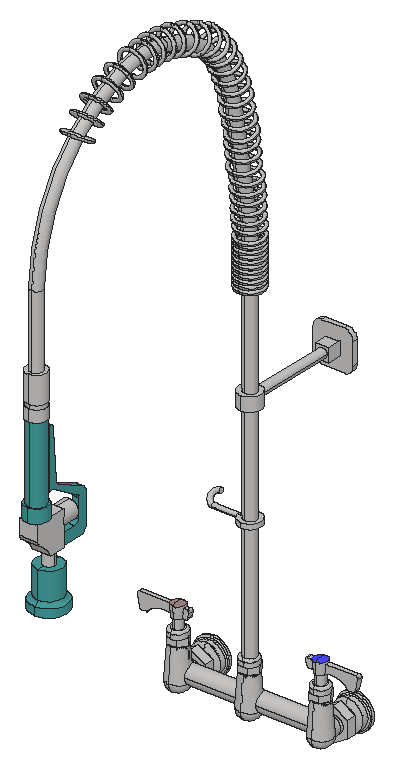
Revit family "Krowne_17-108WL_WallMount_Pre-Rinse_Faucet", category Plumbing Fixtures, Revit 2018 (continued)
Definition of nested family "Spring_Faucet_Hose"
  Lines and regions (mm)
    symbolic lines
      curve 26: arc (-378.981, 9.264, 44.45) -> (-379.421, 6.571, 44.45) -> (-378.981, 3.877, 44.45) r 8.455
      curve 27: line (-365.207, 4.256, 44.45) -> (-321.135, 4.256, 44.45)
      curve 28: line (-365.081, -5.133, 44.45) -> (-322.249, -5.133, 44.45)
      curve 29: spline (-365.207, 8.407, 44.45) -> (-366.446, 8.337, 44.45) -> (-367.6, 8.129, 44.45) -> (-368.591, 7.799, 44.45) -> (-369.351, 7.369, 44.45) -> (-369.83, 6.869, 44.45) -> (-369.993, 6.332, 44.45) -> (-369.83, 5.795, 44.45) -> (-369.351, 5.294, 44.45) -> (-368.591, 4.864, 44.45) -> (-367.6, 4.534, 44.45) -> (-366.446, 4.327, 44.45) -> (-365.207, 4.256, 44.45)
      curve 30: arc (-304.977, 0.014, 44.45) -> (-313.613, 8.65, 44.45) -> (-322.249, 0.014, 44.45) r 8.636
      curve 31: line (-322.249, 0.014, 44.45) -> (-322.249, -379.376, 44.45)
      curve 32: arc (-304.981, -378.487, 44.45) -> (-313.613, -387.119, 44.45) -> (-322.245, -378.487, 44.45) r 8.632
      curve 33: line (-304.977, 0.014, 44.45) -> (-304.977, -378.9, 44.45)
      curve 34: line (-342.982, 155.575, 419.1) -> (-285.832, 155.575, 419.1)
      curve 35: line (-342.982, 149.225, 419.1) -> (-342.982, 155.575, 419.1)
      curve 36: line (-285.832, 149.225, 419.1) -> (-342.982, 149.225, 419.1)
      curve 37: line (-285.832, 155.575, 419.1) -> (-285.832, 149.225, 419.1)
      curve 38: line (-323.932, 149.225, 419.1) -> (-323.932, 130.175, 419.1)
      curve 39: line (-323.932, 130.175, 419.1) -> (-304.882, 130.175, 419.1)
      curve 40: line (-304.882, 130.175, 419.1) -> (-304.882, 149.225, 419.1)
      curve 41: line (-320.757, 130.175, 419.1) -> (-320.757, 18.203, 419.1)
      curve 42: line (-308.057, 130.175, 419.1) -> (-308.057, 18.203, 419.1)
  Dimensions and locks
    "Height": plane 3 "TOP" to plane 2
    plane 5 "Top of Body" to level = 1 3/4"
    equal spacing: plane 5 "Top of Body", plane 6, level
    plane 8 to plane 3 "TOP" = 34"
    aligned and locked: level to plane 2
    aligned and locked: plane 13 to Extrusion 52
    aligned and locked: plane 14 to Extrusion 53
  Automatic sketch dimensions
    curve 1 to curve 2 = 0"  (x2)
    curve 3 to curve 4 = 0"  (x2)
    plane 4 "Center" to curve 4 = 1/32"
    plane 4 "Center" to curve 1 = 1/32"
    plane 7 to curve 4 = 0.83856"
    plane 7 to curve 1 = 0.03856"
    curve 4 to plane 4 "Center" = 0.30887"
    curve 2 to plane 4 "Center" = 0.32506"
    curve 2 to curve 4 = 0.35323"
    curve 12 to plane 4 "Center" = 0.77095"
    curve 16 to plane 4 "Center" = 0.77095"
    curve 6 to plane 4 "Center" = 0.77095"
    curve 17 to curve 16 = 0"  (x2)
    curve 5 to curve 6 = 0"  (x2)
    curve 18 to curve 17 = 0"  (x2)
    curve 7 to curve 6 = 0"  (x2)
    curve 15 to curve 16 = 0"
    curve 8 to curve 7 = 0"
    curve 19 to curve 18 = 0"  (x2)
    curve 14 to curve 15 = 0"
    curve 9 to curve 8 = 0"
    curve 13 to curve 12 = 0"
    curve 10 to curve 9 = 0"  (x2)
    curve 11 to curve 10 = 0"  (x2)
    curve 20 to curve 19 = 0"  (x2)
    curve 21 to curve 20 = 0"  (x2)
    curve 22 to curve 21 = 0"  (x2)
    plane 4 "Center" to curve 1 = 0.36813"
    plane 7 to curve 3 = 0.22873"
    plane 4 "Center" to curve 3 = 0.37059"
    curve 3 to curve 1 = 0.35401"
    plane 4 "Center" to curve 14 = 0.87789"
    plane 4 "Center" to curve 9 = 0.87789"
    curve 15 to curve 14 = 0"
    curve 8 to curve 9 = 0"
    curve 16 to curve 15 = 0"
    plane 4 "Center" to curve 6 = 0.87789"
    curve 13 to curve 14 = 0"
    curve 12 to curve 13 = 0"
    curve 1 to curve 5 = 1.03879"
    curve 5 to curve 6 = 3/4"
    curve 6 to curve 7 = 0.58175"
    curve 7 to curve 8 = 3/4"
    curve 8 to curve 9 = 0.58175"
    curve 9 to curve 10 = 3/4"
    curve 10 to curve 11 = 0.58175"
    curve 11 to curve 12 = 3/4"
    curve 12 to curve 13 = 0.58175"
    curve 13 to curve 14 = 3/4"
    curve 14 to curve 15 = 0.58175"
    curve 15 to curve 16 = 3/4"
    curve 16 to curve 17 = 0.58175"
    curve 17 to curve 18 = 3/4"
    curve 18 to curve 19 = 0.58175"
    curve 19 to curve 20 = 3/4"
    curve 20 to curve 21 = 0.58175"
    plane 1 "BACK" to curve 22 = 0.7167"
    plane 4 "Center" to curve 32 = 1/32"
    plane 7 to curve 32 = 0.83856"
    plane 1 "BACK" to curve 28 = 0.20208"
    curve 33 to plane 1 "BACK" = 0.00055"
    curve 27 to plane 1 "BACK" = 0.16756"
    curve 29 to curve 24 = 0.04559"
    curve 24 to curve 26 = 0.04554"
    curve 24 to curve 25 = 0.10647"
    curve 25 to curve 23 = 0.01136"
    curve 23 to plane 11 = 0.08273"
    plane 4 "Center" to curve 33 = 0.37125"
    plane 4 "Center" to curve 30 = 1/32"
    curve 28 to curve 28 = 1.6863"
    curve 25 to curve 23 = 0.00495"
    curve 23 to curve 25 = 0.04545"
    curve 29 to curve 24 = 0.0668"
    curve 24 to curve 26 = 0.15996"
    curve 33 to curve 32 = 0.01626"
    curve 31 to curve 32 = 0.03502"
    curve 26 to curve 25 = 0"
    curve 33 to curve 32 = 0.00016"
    Extrusion 1 sketch curve to plane 1 "BACK" = 0.00055"
    plane 4 "Center" to Extrusion 1 sketch curve = 1/32"
    plane 10 to Revolve 2 sketch curve = 47/256"
    plane 7 to Revolve 2 sketch curve = 0.91356"  (x2)
    Revolve 2 sketch curve to Revolve 2 sketch curve = 1/2"
    Revolve 2 sketch curve to Revolve 2 sketch curve = 1/8"
    Revolve 2 sketch curve to Revolve 2 sketch curve = 3/4"
    Revolve 2 sketch curve to Revolve 2 sketch curve = 4 5/16"
    Revolve 2 sketch curve to Revolve 2 sketch curve = 0"  (x2)
    Revolve 2 sketch curve to Revolve 2 sketch curve = 3 3/16"
    Sweep 3 sketch curve to plane 1 "BACK" = 0.00055"
    plane 1 "BACK" to Sweep 3 sketch curve = 0.08675"
    plane 1 "BACK" to Sweep 3 sketch curve = 1.21193"
    plane 1 "BACK" to Sweep 3 sketch curve = 5.99945"
    Sweep 3 sketch curve to Sweep 3 sketch curve = 0.2632"
    Sweep 3 sketch curve to Sweep 3 sketch curve = 0.86198"
    Sweep 3 sketch curve to Sweep 3 sketch curve = 0.30121"
    Sweep 3 sketch curve to Sweep 3 sketch curve = 1.89971"
    plane 7 to Sweep 3 sketch curve = 0.91356"
    plane 10 to Sweep 3 sketch curve = 7.55118"
    Sweep 3 sketch curve to plane 8 = 8.89818"
    Sweep 3 sketch curve to Sweep 3 sketch curve = 0.45056"
    Sweep 3 sketch curve to Sweep 3 sketch curve = 1.89771"
    Sweep 3 sketch curve to plane 8 = 5.53014"
    Sweep 3 sketch curve to Sweep 3 sketch curve = 1.17825"
    Sweep 3 sketch curve to Sweep 3 sketch curve = 0"  (x2)
    Sweep 3 sketch curve to Sweep 3 sketch curve = 2.13824"
    Sweep 3 sketch curve to Sweep 3 sketch curve = 4.10572"
    profile plane to Sweep 3 sketch curve = 0"
    Sweep 3 sketch curve to profile plane = 0"
    Sweep 4 sketch curve to plane 4 "Center" = 0"
    Sweep 4 sketch curve to plane 4 "Center" = 2"
    Sweep 4 sketch curve to Sweep 4 sketch curve = 3/8"
    profile plane to Sweep 4 sketch curve = 0"  (x2)
    plane 7 to Sweep 5 sketch curve = 0.03856"
    Sweep 5 sketch curve to plane 9 "Bottom of Hose Handle" = 1 1/256"
    Sweep 5 sketch curve to Sweep 5 sketch curve = 3/4"
    Sweep 5 sketch curve to profile plane = 0"  (x2)
    plane 7 to Revolve 6 sketch curve = 0.03856"
    Revolve 6 sketch curve to plane 7 = 0.71144"
    Revolve 6 sketch curve to Revolve 6 sketch curve = 1/4"
    Revolve 6 sketch curve to plane 9 "Bottom of Hose Handle" = 1 193/256"
    Revolve 6 sketch curve to Revolve 6 sketch curve = 1 1/2"
    Revolve 6 sketch curve to Revolve 6 sketch curve = 7/16"
    Revolve 6 sketch curve to Revolve 6 sketch curve = 0"  (x3)
    plane 7 to Extrusion 7 sketch curve = 0.22606"
    Extrusion 7 sketch curve to plane 7 = 0.02394"  (x2)
    Extrusion 7 sketch curve to plane 7 = 0.23409"
    Extrusion 7 sketch curve to Extrusion 7 sketch curve = 0.13967"
    Extrusion 7 sketch curve to Extrusion 7 sketch curve = 0.24927"
    Extrusion 7 sketch curve to plane 7 = 0.82005"
    Extrusion 7 sketch curve to Extrusion 7 sketch curve = 0.01639"
    Extrusion 7 sketch curve to plane 9 "Bottom of Hose Handle" = 0.25668"
    Extrusion 7 sketch curve to Extrusion 7 sketch curve = 3/4"
    plane 10 to Extrusion 7 sketch curve = 0.03843"
    Extrusion 7 sketch curve to Extrusion 7 sketch curve = 0"
    plane 10 to Extrusion 7 sketch curve = 0.25346"
    Extrusion 7 sketch curve to Extrusion 7 sketch curve = 0.12753"
    Extrusion 7 sketch curve to Extrusion 7 sketch curve = 0.03155"
    plane 10 to Extrusion 7 sketch curve = 0.5363"
    Extrusion 7 sketch curve to Extrusion 7 sketch curve = 0.37321"
    Extrusion 7 sketch curve to Extrusion 7 sketch curve = 0.51639"
    Extrusion 7 sketch curve to Extrusion 7 sketch curve = 0.26517"  (x2)
    plane 10 to Extrusion 7 sketch curve = 1 63/256"
    Extrusion 7 sketch curve to Extrusion 7 sketch curve = 0.1179"
    Extrusion 7 sketch curve to Extrusion 7 sketch curve = 0.20557"
    Extrusion 7 sketch curve to Extrusion 7 sketch curve = 2.73902"
    Extrusion 7 sketch curve to Extrusion 7 sketch curve = 0.31207"
    Revolve 8 sketch curve to plane 7 = 0"
    plane 10 to Revolve 8 sketch curve = 31/256"
    Revolve 8 sketch curve to plane 7 = 0.39894"
    Revolve 8 sketch curve to Revolve 8 sketch curve = 1"
    Revolve 8 sketch curve to Revolve 8 sketch curve = 1/8"
    Revolve 8 sketch curve to plane 10 = 33/256"
    plane 9 "Bottom of Hose Handle" to Revolve 8 sketch curve = 95/256"  (x2)
    Revolve 8 sketch curve to Revolve 8 sketch curve = 0"
    Revolve 8 sketch curve to Revolve 8 sketch curve = 0.79338"
    Sweep 9 sketch curve to plane 1 "BACK" = 0.00055"
    plane 4 "Center" to Sweep 9 sketch curve = 1/32"
    Sweep 9 sketch curve to profile plane = 0"  (x2)
    Sweep 10 sketch curve to plane 1 "BACK" = 0.00055"
    plane 4 "Center" to Sweep 10 sketch curve = 1/32"
    Sweep 10 sketch curve to profile plane = 0"  (x2)
    Sweep 11 sketch curve to plane 1 "BACK" = 0.00055"
    plane 4 "Center" to Sweep 11 sketch curve = 1/32"
    Sweep 11 sketch curve to profile plane = 0"  (x2)
    Sweep 12 sketch curve to plane 1 "BACK" = 0.00055"
    plane 4 "Center" to Sweep 12 sketch curve = 1/32"
    Sweep 12 sketch curve to profile plane = 0"  (x2)
    Sweep 13 sketch curve to plane 1 "BACK" = 0.00055"
    plane 4 "Center" to Sweep 13 sketch curve = 1/32"
    Sweep 13 sketch curve to profile plane = 0"  (x2)
    plane 4 "Center" to Sweep 14 sketch curve = 1/32"
    Sweep 14 sketch curve to profile plane = 0"
    profile plane to Sweep 14 sketch curve = 0"
    plane 4 "Center" to Sweep 15 sketch curve = 1/32"
    Sweep 15 sketch curve to profile plane = 0"
    profile plane to Sweep 15 sketch curve = 0"
    plane 4 "Center" to Sweep 16 sketch curve = 1/32"
    Sweep 16 sketch curve to profile plane = 0"
    profile plane to Sweep 16 sketch curve = 0"
    plane 4 "Center" to Sweep 17 sketch curve = 1/32"
    Sweep 17 sketch curve to profile plane = 0"
    profile plane to Sweep 17 sketch curve = 0"
    plane 4 "Center" to Sweep 18 sketch curve = 1/32"
    Sweep 18 sketch curve to profile plane = 0"
    profile plane to Sweep 18 sketch curve = 0"
    plane 4 "Center" to Sweep 19 sketch curve = 1/32"
    Sweep 19 sketch curve to profile plane = 0"
    profile plane to Sweep 19 sketch curve = 0"
    plane 4 "Center" to Sweep 20 sketch curve = 1/32"
    Sweep 20 sketch curve to profile plane = 0"
    profile plane to Sweep 20 sketch curve = 0"
    plane 4 "Center" to Sweep 21 sketch curve = 1/32"
    Sweep 21 sketch curve to profile plane = 0"
    profile plane to Sweep 21 sketch curve = 0"
    plane 4 "Center" to Sweep 22 sketch curve = 1/32"
    Sweep 22 sketch curve to profile plane = 0"
    profile plane to Sweep 22 sketch curve = 0"
    plane 4 "Center" to Sweep 23 sketch curve = 1/32"
    Sweep 23 sketch curve to profile plane = 0"
    profile plane to Sweep 23 sketch curve = 0"
    plane 4 "Center" to Sweep 24 sketch curve = 1/32"
    Sweep 24 sketch curve to profile plane = 0"
    profile plane to Sweep 24 sketch curve = 0"
    plane 4 "Center" to Sweep 25 sketch curve = 1/32"
    Sweep 25 sketch curve to profile plane = 0"
    profile plane to Sweep 25 sketch curve = 0"
    plane 4 "Center" to Sweep 26 sketch curve = 1/32"
    Sweep 26 sketch curve to profile plane = 0"
    profile plane to Sweep 26 sketch curve = 0"
    plane 4 "Center" to Sweep 27 sketch curve = 1/32"
    Sweep 27 sketch curve to profile plane = 0"
    profile plane to Sweep 27 sketch curve = 0"
    plane 4 "Center" to Sweep 28 sketch curve = 1/32"
    Sweep 28 sketch curve to profile plane = 0"
    profile plane to Sweep 28 sketch curve = 0"
    plane 4 "Center" to Sweep 29 sketch curve = 1/32"
    Sweep 29 sketch curve to profile plane = 0"
    profile plane to Sweep 29 sketch curve = 0"
    plane 4 "Center" to Sweep 30 sketch curve = 1/32"
    Sweep 30 sketch curve to profile plane = 0"
    profile plane to Sweep 30 sketch curve = 0"
    plane 4 "Center" to Sweep 31 sketch curve = 1/32"
    Sweep 31 sketch curve to profile plane = 0"
    profile plane to Sweep 31 sketch curve = 0"
    plane 4 "Center" to Sweep 32 sketch curve = 1/32"
    Sweep 32 sketch curve to profile plane = 0"
    profile plane to Sweep 32 sketch curve = 0"
    plane 4 "Center" to Sweep 33 sketch curve = 1/32"
    Sweep 33 sketch curve to profile plane = 0"
    profile plane to Sweep 33 sketch curve = 0"
    plane 4 "Center" to Sweep 34 sketch curve = 1/32"
    Sweep 34 sketch curve to profile plane = 0"
    profile plane to Sweep 34 sketch curve = 0"
    plane 4 "Center" to Sweep 35 sketch curve = 1/32"
    Sweep 35 sketch curve to profile plane = 0"
    profile plane to Sweep 35 sketch curve = 0"
    plane 4 "Center" to Sweep 36 sketch curve = 1/32"
    Sweep 36 sketch curve to profile plane = 0"
    profile plane to Sweep 36 sketch curve = 0"
    plane 4 "Center" to Sweep 37 sketch curve = 1/32"
    Sweep 37 sketch curve to profile plane = 0"
    profile plane to Sweep 37 sketch curve = 0"
    plane 4 "Center" to Sweep 38 sketch curve = 1/32"
    Sweep 38 sketch curve to profile plane = 0"
    profile plane to Sweep 38 sketch curve = 0"
    plane 4 "Center" to Sweep 39 sketch curve = 1/32"
    Sweep 39 sketch curve to profile plane = 0"  (x2)
    plane 4 "Center" to Sweep 40 sketch curve = 1/32"
    Sweep 40 sketch curve to profile plane = 0"  (x2)
    plane 4 "Center" to Sweep 41 sketch curve = 1/32"
    Sweep 41 sketch curve to profile plane = 0"  (x2)
    plane 4 "Center" to Sweep 42 sketch curve = 1/32"
    Sweep 42 sketch curve to profile plane = 0"  (x2)
    plane 4 "Center" to Sweep 43 sketch curve = 1/32"
    Sweep 43 sketch curve to profile plane = 0"  (x2)
    plane 4 "Center" to Sweep 44 sketch curve = 1/32"
    Sweep 44 sketch curve to profile plane = 0"  (x2)
    plane 4 "Center" to Sweep 45 sketch curve = 1/32"
    Sweep 45 sketch curve to profile plane = 0"  (x2)
    Sweep 46 sketch curve to plane 1 "BACK" = 0.00055"
    plane 4 "Center" to Sweep 46 sketch curve = 1/32"
    Sweep 46 sketch curve to profile plane = 0"  (x2)
    Sweep 47 sketch curve to plane 1 "BACK" = 0.00055"
    plane 4 "Center" to Sweep 47 sketch curve = 1/32"
    Sweep 47 sketch curve to profile plane = 0"  (x2)
    Sweep 48 sketch curve to plane 1 "BACK" = 0.00055"
    plane 4 "Center" to Sweep 48 sketch curve = 1/32"
    Sweep 48 sketch curve to profile plane = 0"  (x2)
    Sweep 49 sketch curve to plane 1 "BACK" = 0.00055"
    plane 4 "Center" to Sweep 49 sketch curve = 1/32"
    Sweep 49 sketch curve to profile plane = 0"  (x2)
    Sweep 50 sketch curve to plane 1 "BACK" = 0.00055"
    plane 4 "Center" to Sweep 50 sketch curve = 1/32"
    Sweep 50 sketch curve to profile plane = 0"  (x2)
    Extrusion 51 sketch curve to Extrusion 51 sketch curve = 0"  (x2)
    Extrusion 51 sketch curve to plane 1 "BACK" = 0.00055"
    plane 4 "Center" to Extrusion 51 sketch curve = 1/32"
    Extrusion 52 sketch curve to plane 9 "Bottom of Hose Handle" = 1/4"  (x2)
    Extrusion 52 sketch curve to plane 4 "Center" = 1 1/8"
    Extrusion 52 sketch curve to plane 4 "Center" = 5/8"
    Extrusion 52 sketch curve to Extrusion 52 sketch curve = 1/2"
    plane 4 "Center" to Extrusion 52 sketch curve = 5/8"  (x2)
    plane 10 to Extrusion 52 sketch curve = 1/4"
    Extrusion 53 sketch curve to Extrusion 52 = 3/4"  (x4)
    Extrusion 54 sketch curve to Extrusion 53 = 3/8"  (x2)
    plane 14 to curve 42 = 0"
    plane 13 to curve 38 = 0"
    plane 12 "Back of Back Support" to curve 37 = 0"
    plane 4 "Center" to curve 34 = 1 1/8"
    plane 4 "Center" to curve 39 = 3/8"
    curve 39 to plane 4 "Center" = 3/8"
    curve 38 to curve 35 = 3/4"
    curve 42 to plane 11 = 0.09164"
    curve 41 to plane 11 = 0.09164"
    plane 4 "Center" to curve 42 = 1/4"
    curve 41 to plane 4 "Center" = 1/4"
    plane 7 to Extrusion 55 sketch curve = 2.30845"
    plane 10 to Extrusion 55 sketch curve = 47/256"
    plane 7 to Extrusion 55 sketch curve = 1.41356"
    plane 9 "Bottom of Hose Handle" to Extrusion 55 sketch curve = 15/256"
    Extrusion 55 sketch curve to Extrusion 55 sketch curve = 1/4"
    plane 7 to Extrusion 55 sketch curve = 0.47606"
    Extrusion 55 sketch curve to plane 7 = 0.39894"
    Extrusion 55 sketch curve to plane 9 "Bottom of Hose Handle" = 1 1/256"
    Extrusion 55 sketch curve to plane 9 "Bottom of Hose Handle" = 1.9506"
    plane 7 to Revolve 56 sketch curve = 0.91356"
    Revolve 56 sketch curve to Revolve 56 sketch curve = 1/2"
    Revolve 56 sketch curve to Revolve 56 sketch curve = 1/16"  (x2)
    plane 10 to Revolve 56 sketch curve = 5 63/256"
    Revolve 56 sketch curve to Revolve 56 sketch curve = 5/8"
    Revolve 56 sketch curve to Revolve 56 sketch curve = 1/4"
    Revolve 56 sketch curve to Revolve 56 sketch curve = 1 1/2"
    Revolve 56 sketch curve to Revolve 56 sketch curve = 0"
    plane 10 to Revolve 56 sketch curve = 47/256"
    Revolve 56 sketch curve to Revolve 56 sketch curve = 13/16"
    Extrusion 57 sketch curve to Extrusion 57 sketch curve = 0"  (x2)
    Extrusion 57 sketch curve to plane 1 "BACK" = 0.00055"
    plane 4 "Center" to Extrusion 57 sketch curve = 1/32"
    radius of Extrusion 1 sketch curve = 0.34"
    radius of Sweep 3 sketch curve = 87/256"
    radius of Sweep 4 sketch curve = 1/8"
    radius of Sweep 5 sketch curve = 5/16"
    radius of Sweep 9 sketch curve = 0.72"
    radius of Sweep 9 sketch curve = 0.08178"
    radius of Sweep 10 sketch curve = 0.72"
    radius of Sweep 10 sketch curve = 0.08178"
    radius of Sweep 11 sketch curve = 0.72"
    radius of Sweep 11 sketch curve = 0.08178"
    radius of Sweep 12 sketch curve = 0.72"
    radius of Sweep 12 sketch curve = 0.08178"
    radius of Sweep 13 sketch curve = 0.72"
    radius of Sweep 13 sketch curve = 0.08178"
    radius of Sweep 14 sketch curve = 0.72"
    radius of Sweep 14 sketch curve = 0.08178"
    radius of Sweep 15 sketch curve = 0.72"
    radius of Sweep 15 sketch curve = 0.08178"
    radius of Sweep 16 sketch curve = 0.72"
    radius of Sweep 16 sketch curve = 0.08178"
    radius of Sweep 17 sketch curve = 0.72"
    radius of Sweep 17 sketch curve = 0.08178"
    radius of Sweep 18 sketch curve = 0.72"
    radius of Sweep 18 sketch curve = 0.08178"
    radius of Sweep 19 sketch curve = 0.72"
    radius of Sweep 19 sketch curve = 0.08178"
    radius of Sweep 20 sketch curve = 0.72"
    radius of Sweep 20 sketch curve = 0.08178"
    radius of Sweep 21 sketch curve = 0.72"
    radius of Sweep 21 sketch curve = 0.08178"
    radius of Sweep 22 sketch curve = 0.72"
    radius of Sweep 22 sketch curve = 0.08178"
    radius of Sweep 23 sketch curve = 0.72"
    radius of Sweep 23 sketch curve = 0.08178"
    radius of Sweep 24 sketch curve = 0.72"
    radius of Sweep 24 sketch curve = 0.08178"
    radius of Sweep 25 sketch curve = 0.72"
    radius of Sweep 25 sketch curve = 0.08178"
    radius of Sweep 26 sketch curve = 0.72"
    radius of Sweep 26 sketch curve = 0.08178"
    radius of Sweep 27 sketch curve = 0.72"
    radius of Sweep 27 sketch curve = 0.08178"
    radius of Sweep 28 sketch curve = 0.72"
    radius of Sweep 28 sketch curve = 0.08178"
    radius of Sweep 29 sketch curve = 0.72"
    radius of Sweep 29 sketch curve = 0.08178"
    radius of Sweep 30 sketch curve = 0.72"
    radius of Sweep 30 sketch curve = 0.08178"
    radius of Sweep 31 sketch curve = 0.72"
    radius of Sweep 31 sketch curve = 0.08178"
    radius of Sweep 32 sketch curve = 0.72"
    radius of Sweep 32 sketch curve = 0.08178"
    radius of Sweep 33 sketch curve = 0.72"
    radius of Sweep 33 sketch curve = 0.08178"
    radius of Sweep 34 sketch curve = 0.72"
    radius of Sweep 34 sketch curve = 0.08178"
    radius of Sweep 35 sketch curve = 0.72"
    radius of Sweep 35 sketch curve = 0.08178"
    radius of Sweep 36 sketch curve = 0.72"
    radius of Sweep 36 sketch curve = 0.08178"
    radius of Sweep 37 sketch curve = 0.72"
    radius of Sweep 37 sketch curve = 0.08178"
    radius of Sweep 38 sketch curve = 0.72"
    radius of Sweep 38 sketch curve = 0.08178"
    radius of Sweep 39 sketch curve = 0.72"
    radius of Sweep 39 sketch curve = 0.08178"
    radius of Sweep 40 sketch curve = 0.72"
    radius of Sweep 40 sketch curve = 0.08178"
    radius of Sweep 41 sketch curve = 0.72"
    radius of Sweep 41 sketch curve = 0.08178"
    radius of Sweep 42 sketch curve = 0.72"
    radius of Sweep 42 sketch curve = 0.08178"
    radius of Sweep 43 sketch curve = 0.72"
    radius of Sweep 43 sketch curve = 0.08178"
    radius of Sweep 44 sketch curve = 0.72"
    radius of Sweep 44 sketch curve = 0.08178"
    radius of Sweep 45 sketch curve = 0.72"
    radius of Sweep 45 sketch curve = 0.08178"
    radius of Sweep 46 sketch curve = 0.72"
    radius of Sweep 46 sketch curve = 0.08178"
    radius of Sweep 47 sketch curve = 0.72"
    radius of Sweep 47 sketch curve = 0.08178"
    radius of Sweep 48 sketch curve = 0.72"
    radius of Sweep 48 sketch curve = 0.08178"
    radius of Sweep 49 sketch curve = 0.72"
    radius of Sweep 49 sketch curve = 0.08178"
    radius of Sweep 50 sketch curve = 0.72"
    radius of Sweep 50 sketch curve = 0.08178"
    radius of Extrusion 51 sketch curve = 5/8"
    radius of Extrusion 51 sketch curve = 0.34"
    radius of Extrusion 54 sketch curve = 1/4"
    radius of Extrusion 57 sketch curve = 5/8"
    radius of Extrusion 57 sketch curve = 0.34"
